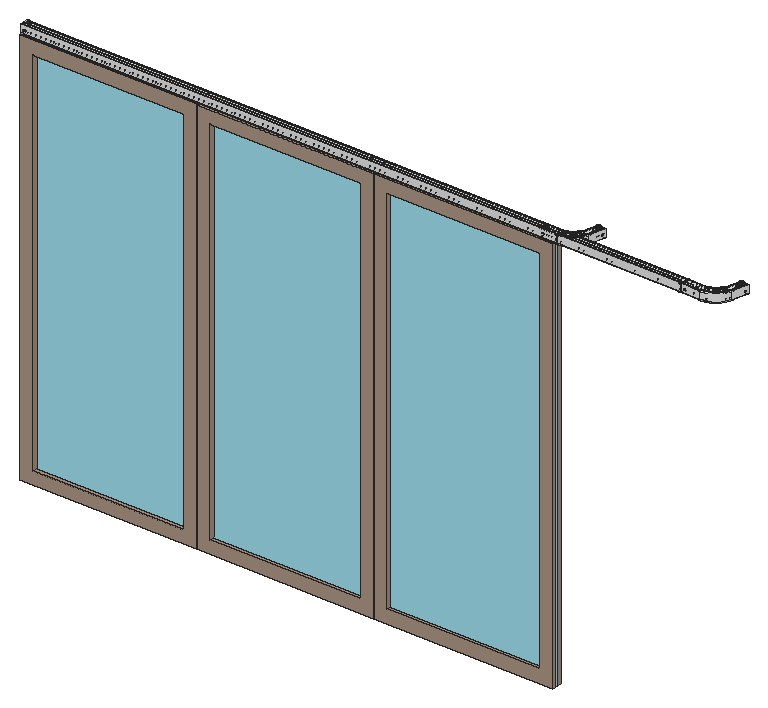
Revit family "RAYDOOR-SSPA3", category Doors, host Wall, Revit 2016
Family settings
  Host = Wall
  Always vertical = Yes
  Cut with Voids When Loaded = No
  Shared = No
  Room Calculation Point = No
Parameters (values of type "122 11/16"x95"")
  URL = "www.raydoor.com"
  Type Image = SSPA.png
  Thickness = 2 1/4"  # constant formula
  Rough Width = 1"  # constant formula
  Rough Height = (Width - (1/16" * 3)) / 3  # 40.83333"
  Operation = "Slinding door"  # constant formula
  Model = "SSPA"
  Function = Interior
  Door Material = Door - Panel
  Panel Material = Glass, Cast, Gray
  Height = 95"
  Trim Projection Ext = 63/64"  # constant formula
  Typ = 3"  # constant formula
  Wall Closure = By host
  Width = 122 11/16"
  Assembly Code = "SSPA3"
Reference planes (in)
  plane 1: y = 0.00227
  plane 2: z = 0
  plane 3: x = 82.5
  plane 4: x = 21.15625
  plane 5: x = 143.84375
  plane 6: z = 95
  plane 7: x = 140.84375
  plane 8: x = 142.34375
  plane 9: x = 22.65625
  plane 10: x = 24.15625
  plane 11: y = 3.56477
  plane 12: y = 5.81477
  plane 13: z = 92.78125
  plane 14: x = 101.44792
  plane 15: x = 102.94792
  plane 16: x = 99.94792
  plane 17: x = 60.55208
  plane 18: x = 62.05208
  plane 19: x = 59.05208
  plane 20: x = 63.55208
  plane 21: x = 65.05208
  plane 22: x = 104.44792
  plane 23: x = 105.94792
  plane 24: y = 4.68977
  plane 25: x = 185.84375
Forms (in)
  Extrusion 1, void
    sketch origin (-195.25, -5.58383, 0.25) x (1, 0, 0) y (0, 0, 1)
      loop
        line (216.40625, -0.25) -> (339.09375, -0.25) -> (339.09375, 94.75) -> (216.40625, 94.75) -> (216.40625, -0.25)
    from -8.08609 to -3.08609
  Sweep 2, solid, material "UHMW, White"
    path origin (0, 0, 0) x (1, 0, 0) y (0, 1, 0)
      loop
        line (148.88922, 11.3203) -> (147.91212, 7.67372)
        arc (147.91212, 7.67372) -> (146.92992, 6.20375) -> (145.25583, 5.63547) r 2.75
        line (145.25583, 5.63547) -> (141.2309, 5.63547)
    profile origin (143.24336, 5.63547, 0) x (0, -1, 0) y (0, 0, 1)
      loop
        line (0.11024, 93.74606) -> (0.11024, 94.52756)
        arc (0.11024, 94.52756) -> (0.13906, 94.59716) -> (0.20866, 94.62598) r 0.09843
        line (0.20866, 94.62598) -> (0.61024, 94.62598)
        arc (0.61024, 94.62598) -> (0.62415, 94.63175) -> (0.62992, 94.64567) r 0.01969
        line (0.62992, 94.64567) -> (0.62992, 94.86417)
        arc (0.62992, 94.86417) -> (0.62127, 94.88505) -> (0.60039, 94.8937) r 0.02953
        line (0.60039, 94.8937) -> (0.48031, 94.8937) -> (0.48031, 94.82283) -> (0.55118, 94.82283) -> (0.55118, 94.73622) -> (0.07874, 94.73622) -> (0.07874, 95) -> (0.02987, 95)
        arc (0.02987, 95) -> (0.00875, 94.99125) -> (0, 94.97013) r 0.02987
        line (0, 94.97013) -> (0, 93.07087)
        arc (0, 93.07087) -> (0.01153, 93.04303) -> (0.03937, 93.0315) r 0.03937
        line (0.03937, 93.0315) -> (0.60039, 93.0315)
        arc (0.60039, 93.0315) -> (0.62992, 93.07087) -> (0.60039, 93.11024) r 0.04101
        line (0.60039, 93.11024) -> (0.09842, 93.11024)
        arc (0.09842, 93.11024) -> (0.0845, 93.116) -> (0.07874, 93.12992) r 0.01969
        line (0.07874, 93.12992) -> (0.07874, 93.56299) -> (0.5315, 93.56299)
        arc (0.5315, 93.56299) -> (0.54541, 93.55723) -> (0.55118, 93.54331) r 0.01969
        line (0.55118, 93.54331) -> (0.55118, 93.34646)
        arc (0.55118, 93.34646) -> (0.55695, 93.33254) -> (0.57087, 93.32677) r 0.01969
        line (0.57087, 93.32677) -> (0.62992, 93.32677) -> (0.62992, 93.6811)
        arc (0.62992, 93.6811) -> (0.62415, 93.69502) -> (0.61024, 93.70079) r 0.01969
        line (0.61024, 93.70079) -> (0.19067, 93.70079)
        arc (0.19067, 93.70079) -> (0.13984, 93.70457) -> (0.11024, 93.74606) r 0.06004
      loop
        line (1.77953, 94.52756) -> (1.77953, 93.74606)
        arc (1.77953, 93.74606) -> (1.74992, 93.70457) -> (1.69909, 93.70079) r 0.06004
        line (1.69909, 93.70079) -> (1.27953, 93.70079)
        arc (1.27953, 93.70079) -> (1.26561, 93.69502) -> (1.25984, 93.6811) r 0.01969
        line (1.25984, 93.6811) -> (1.25984, 93.32677) -> (1.3189, 93.32677)
        arc (1.3189, 93.32677) -> (1.33282, 93.33254) -> (1.33858, 93.34646) r 0.01969
        line (1.33858, 93.34646) -> (1.33858, 93.54331)
        arc (1.33858, 93.54331) -> (1.34435, 93.55723) -> (1.35827, 93.56299) r 0.01969
        line (1.35827, 93.56299) -> (1.81102, 93.56299) -> (1.81102, 93.12992)
        arc (1.81102, 93.12992) -> (1.80526, 93.116) -> (1.79134, 93.11024) r 0.01969
        line (1.79134, 93.11024) -> (1.28937, 93.11024)
        arc (1.28937, 93.11024) -> (1.25984, 93.07087) -> (1.28937, 93.0315) r 0.04101
        line (1.28937, 93.0315) -> (1.85039, 93.0315)
        arc (1.85039, 93.0315) -> (1.87823, 93.04303) -> (1.88976, 93.07087) r 0.03937
        line (1.88976, 93.07087) -> (1.88976, 94.97013)
        arc (1.88976, 94.97013) -> (1.88102, 94.99125) -> (1.85989, 95) r 0.02987
        line (1.85989, 95) -> (1.81102, 95) -> (1.81102, 94.73622) -> (1.33858, 94.73622) -> (1.33858, 94.82283) -> (1.40945, 94.82283) -> (1.40945, 94.8937) -> (1.28937, 94.8937)
        arc (1.28937, 94.8937) -> (1.26849, 94.88505) -> (1.25984, 94.86417) r 0.02953
        line (1.25984, 94.86417) -> (1.25984, 94.64567)
        arc (1.25984, 94.64567) -> (1.26561, 94.63175) -> (1.27953, 94.62598) r 0.01969
        line (1.27953, 94.62598) -> (1.6811, 94.62598)
        arc (1.6811, 94.62598) -> (1.7507, 94.59716) -> (1.77953, 94.52756) r 0.09843
      loop
        line (0.65723, 94.80315) -> (1.23253, 94.80315) -> (1.25416, 94.88034)
        arc (1.25416, 94.88034) -> (1.26479, 94.89568) -> (1.2825, 94.90157) r 0.02953
        line (1.2825, 94.90157) -> (1.41732, 94.90157) -> (1.41732, 94.81067) -> (1.34646, 94.81067) -> (1.34646, 94.75197) -> (1.80315, 94.75197) -> (1.80315, 94.81067) -> (1.73228, 94.81067) -> (1.73228, 94.90157) -> (1.80315, 94.90157) -> (1.80315, 95) -> (0.08661, 95) -> (0.08661, 94.90157) -> (0.15748, 94.90157) -> (0.15748, 94.81067) -> (0.08661, 94.81067) -> (0.08661, 94.75197) -> (0.54331, 94.75197) -> (0.54331, 94.81067) -> (0.47244, 94.81067) -> (0.47244, 94.90157) -> (0.60726, 94.90157)
        arc (0.60726, 94.90157) -> (0.62497, 94.89568) -> (0.6356, 94.88034) r 0.02953
        line (0.6356, 94.88034) -> (0.65723, 94.80315)
  Extrusion 3, solid, material "UHMW, White"
    sketch origin (-54.96465, -11.16274, 94.125) x (0, -1, 0) y (1, 0, 0)
      loop
        circle (-15.85251, 115.51674) r 0.125
    from -1.34375 to 0.875
  Extrusion 4, solid, material "UHMW, White"
    sketch origin (-174.88132, -11.16274, 94.125) x (0, -1, 0) y (1, 0, 0)
      loop
        circle (-15.85251, 197.35424) r 0.125
    from -1.34375 to 0.875
  Extrusion 5, solid, material "Door - Panel" <- "Door Material"
    sketch origin (-282, 3.87418, 0.25) x (1, 0, 0) y (0, 0, 1)
      loop
        line (303.21875, 92.53125) -> (303.21875, 0.375) -> (344.02083, 0.375) -> (344.02083, 92.53125) -> (303.21875, 92.53125)
      loop
        line (306.21875, 89.53125) -> (306.21875, 3.375) -> (341.02083, 3.375) -> (341.02083, 89.53125) -> (306.21875, 89.53125)
    from -1.94059 to 0.30941
  Extrusion 6, solid, material "Glass, Cast, Gray" <- "Panel Material"
    sketch origin (-281.84169, -20.90881, 0.25) x (1, 0, 0) y (0, 0, 1)
      loop
        line (303.06044, 92.53125) -> (303.06044, 0.375) -> (343.86252, 0.375) -> (343.86252, 92.53125) -> (303.06044, 92.53125)
    from -25.72358 to -25.47522
  Extrusion 7, solid, material "UHMW, White"
    sketch origin (27.63385, -11.16274, 94.125) x (0, -1, 0) y (1, 0, 0)
      loop
        circle (-15.85251, 114.7099) r 0.125
    from -1.34375 to 0.875
  Extrusion 8, solid, material "UHMW, White"
    sketch origin (-13.53282, -11.16274, 94.125) x (0, -1, 0) y (1, 0, 0)
      loop
        circle (-15.85251, 114.98074) r 0.125
    from -1.34375 to 0.875
  Extrusion 9, solid, material "UHMW, White"
    sketch origin (-51.38132, -11.16274, 94.125) x (0, -1, 0) y (1, 0, 0)
      loop
        circle (-15.85251, 114.9334) r 0.125
    from -1.34375 to 0.875
  Extrusion 10, solid, material "Door - Panel" <- "Door Material"
    sketch origin (-13, 3.87418, 0.25) x (1, 0, 0) y (0, 0, 1)
      loop
        line (75.08333, 92.53125) -> (75.08333, 0.375) -> (115.91667, 0.375) -> (115.91667, 92.53125) -> (75.08333, 92.53125)
      loop
        line (78.08333, 89.53125) -> (78.08333, 3.375) -> (112.91667, 3.375) -> (112.91667, 89.53125) -> (78.08333, 89.53125)
    from -1.94059 to 0.30941
  Extrusion 11, solid, material "Glass, Cast, Gray" <- "Panel Material"
    sketch origin (-12.74997, -21.53627, 0.25) x (1, 0, 0) y (0, 0, 1)
      loop
        line (74.83331, 92.53125) -> (74.83331, 0.375) -> (115.66664, 0.375) -> (115.66664, 92.53125) -> (74.83331, 92.53125)
    from -26.35104 to -26.10268
  Extrusion 12, solid, material "Door - Panel" <- "Door Material"
    sketch origin (29, 3.87418, 0.25) x (1, 0, 0) y (0, 0, 1)
      loop
        line (73.97917, 92.53125) -> (73.97917, 0.375) -> (115.34375, 0.375) -> (115.34375, 92.53125) -> (73.97917, 92.53125)
      loop
        line (76.97917, 89.53125) -> (76.97917, 3.375) -> (112.34375, 3.375) -> (112.34375, 89.53125) -> (76.97917, 89.53125)
    from -1.94059 to 0.30941
  Extrusion 13, solid, material "Glass, Cast, Gray" <- "Panel Material"
    sketch origin (29.25003, -21.53627, 0.25) x (1, 0, 0) y (0, 0, 1)
      loop
        line (73.72914, 92.53125) -> (73.72914, 0.375) -> (115.09372, 0.375) -> (115.09372, 92.53125) -> (73.72914, 92.53125)
    from -26.35104 to -26.10268
  Extrusion 14, solid, material "UHMW, White"
    sketch origin (-0.36071, 45.1077, -9.0893) x (0, 1, 0) y (0, 0, 1)
      loop
        arc (-39.68171, 103.71529) -> (-39.61212, 103.68646) -> (-39.58329, 103.61686) r 0.09843
        line (-39.58329, 103.61686) -> (-39.58329, 102.83537)
        arc (-39.58329, 102.83537) -> (-39.61289, 102.79387) -> (-39.66373, 102.79009) r 0.06004
        line (-39.66373, 102.79009) -> (-40.08329, 102.79009)
        arc (-40.08329, 102.79009) -> (-40.09721, 102.78433) -> (-40.10297, 102.77041) r 0.01969
        line (-40.10297, 102.77041) -> (-40.10297, 102.41607) -> (-40.04392, 102.41607)
        arc (-40.04392, 102.41607) -> (-40.03, 102.42184) -> (-40.02423, 102.43576) r 0.01969
        line (-40.02423, 102.43576) -> (-40.02423, 102.63261)
        arc (-40.02423, 102.63261) -> (-40.01847, 102.64653) -> (-40.00455, 102.6523) r 0.01969
        line (-40.00455, 102.6523) -> (-39.55179, 102.6523) -> (-39.55179, 102.21922)
        arc (-39.55179, 102.21922) -> (-39.55756, 102.20531) -> (-39.57148, 102.19954) r 0.01969
        line (-39.57148, 102.19954) -> (-40.07345, 102.19954)
        arc (-40.07345, 102.19954) -> (-40.10297, 102.16017) -> (-40.07345, 102.1208) r 0.04101
        line (-40.07345, 102.1208) -> (-39.51242, 102.1208)
        arc (-39.51242, 102.1208) -> (-39.48458, 102.13233) -> (-39.47305, 102.16017) r 0.03937
        line (-39.47305, 102.16017) -> (-39.47305, 104.05943)
        arc (-39.47305, 104.05943) -> (-39.4818, 104.08055) -> (-39.50292, 104.0893) r 0.02987
        line (-39.50292, 104.0893) -> (-39.55179, 104.0893) -> (-39.55179, 103.82552) -> (-40.02423, 103.82552) -> (-40.02423, 103.91214) -> (-39.95337, 103.91214) -> (-39.95337, 103.983) -> (-40.07345, 103.983)
        arc (-40.07345, 103.983) -> (-40.09433, 103.97436) -> (-40.10297, 103.95348) r 0.02953
        line (-40.10297, 103.95348) -> (-40.10297, 103.73497)
        arc (-40.10297, 103.73497) -> (-40.09721, 103.72105) -> (-40.08329, 103.71529) r 0.01969
        line (-40.08329, 103.71529) -> (-39.68171, 103.71529)
      loop
        line (-39.55967, 104.0893) -> (-41.2762, 104.0893) -> (-41.2762, 103.99088) -> (-41.20534, 103.99088) -> (-41.20534, 103.89998) -> (-41.2762, 103.89998) -> (-41.2762, 103.84127) -> (-40.81951, 103.84127) -> (-40.81951, 103.89998) -> (-40.89038, 103.89998) -> (-40.89038, 103.99088) -> (-40.75555, 103.99088)
        arc (-40.75555, 103.99088) -> (-40.73784, 103.98498) -> (-40.72721, 103.96964) r 0.02953
        line (-40.72721, 103.96964) -> (-40.70559, 103.89245) -> (-40.13028, 103.89245) -> (-40.10866, 103.96964)
        arc (-40.10866, 103.96964) -> (-40.09803, 103.98498) -> (-40.08032, 103.99088) r 0.02953
        line (-40.08032, 103.99088) -> (-39.94549, 103.99088) -> (-39.94549, 103.89998) -> (-40.01636, 103.89998) -> (-40.01636, 103.84127) -> (-39.55967, 103.84127) -> (-39.55967, 103.89998) -> (-39.63053, 103.89998) -> (-39.63053, 103.99088) -> (-39.55967, 103.99088) -> (-39.55967, 104.0893)
      loop
        line (-41.15416, 103.71529) -> (-40.75258, 103.71529)
        arc (-40.75258, 103.71529) -> (-40.73866, 103.72105) -> (-40.7329, 103.73497) r 0.01969
        line (-40.7329, 103.73497) -> (-40.7329, 103.95348)
        arc (-40.7329, 103.95348) -> (-40.74154, 103.97436) -> (-40.76242, 103.983) r 0.02953
        line (-40.76242, 103.983) -> (-40.8825, 103.983) -> (-40.8825, 103.91214) -> (-40.81164, 103.91214) -> (-40.81164, 103.82552) -> (-41.28408, 103.82552) -> (-41.28408, 104.0893) -> (-41.33295, 104.0893)
        arc (-41.33295, 104.0893) -> (-41.35407, 104.08055) -> (-41.36282, 104.05943) r 0.02987
        line (-41.36282, 104.05943) -> (-41.36282, 102.16017)
        arc (-41.36282, 102.16017) -> (-41.35129, 102.13233) -> (-41.32345, 102.1208) r 0.03937
        line (-41.32345, 102.1208) -> (-40.76242, 102.1208)
        arc (-40.76242, 102.1208) -> (-40.7329, 102.16017) -> (-40.76242, 102.19954) r 0.04101
        line (-40.76242, 102.19954) -> (-41.26439, 102.19954)
        arc (-41.26439, 102.19954) -> (-41.27831, 102.20531) -> (-41.28408, 102.21922) r 0.01969
        line (-41.28408, 102.21922) -> (-41.28408, 102.6523) -> (-40.83132, 102.6523)
        arc (-40.83132, 102.6523) -> (-40.8174, 102.64653) -> (-40.81164, 102.63261) r 0.01969
        line (-40.81164, 102.63261) -> (-40.81164, 102.43576)
        arc (-40.81164, 102.43576) -> (-40.80587, 102.42184) -> (-40.79195, 102.41607) r 0.01969
        line (-40.79195, 102.41607) -> (-40.7329, 102.41607) -> (-40.7329, 102.77041)
        arc (-40.7329, 102.77041) -> (-40.73866, 102.78433) -> (-40.75258, 102.79009) r 0.01969
        line (-40.75258, 102.79009) -> (-41.17214, 102.79009)
        arc (-41.17214, 102.79009) -> (-41.22298, 102.79387) -> (-41.25258, 102.83537) r 0.06004
        line (-41.25258, 102.83537) -> (-41.25258, 103.61686)
        arc (-41.25258, 103.61686) -> (-41.22375, 103.68646) -> (-41.15416, 103.71529) r 0.09843
    from 21.51696 to 174.26059
  Sweep 15, solid, material "UHMW, White"
    path origin (33.07371, 0, 0) x (1, 0, 0) y (0, 1, 0)
      loop
        line (148.8638, 11.3203) -> (147.8867, 7.67372)
        arc (147.8867, 7.67372) -> (146.90449, 6.20375) -> (145.2304, 5.63547) r 2.75
        line (145.2304, 5.63547) -> (140.82618, 5.63547)
    profile origin (176.10199, 5.63547, 0) x (0, -1, 0) y (0, 0, 1)
      loop
        line (0.11024, 93.74606) -> (0.11024, 94.52756)
        arc (0.11024, 94.52756) -> (0.13906, 94.59716) -> (0.20866, 94.62598) r 0.09843
        line (0.20866, 94.62598) -> (0.61024, 94.62598)
        arc (0.61024, 94.62598) -> (0.62415, 94.63175) -> (0.62992, 94.64567) r 0.01969
        line (0.62992, 94.64567) -> (0.62992, 94.86417)
        arc (0.62992, 94.86417) -> (0.62127, 94.88505) -> (0.60039, 94.8937) r 0.02953
        line (0.60039, 94.8937) -> (0.48031, 94.8937) -> (0.48031, 94.82283) -> (0.55118, 94.82283) -> (0.55118, 94.73622) -> (0.07874, 94.73622) -> (0.07874, 95) -> (0.02987, 95)
        arc (0.02987, 95) -> (0.00875, 94.99125) -> (0, 94.97013) r 0.02987
        line (0, 94.97013) -> (0, 93.07087)
        arc (0, 93.07087) -> (0.01153, 93.04303) -> (0.03937, 93.0315) r 0.03937
        line (0.03937, 93.0315) -> (0.60039, 93.0315)
        arc (0.60039, 93.0315) -> (0.62992, 93.07087) -> (0.60039, 93.11024) r 0.04101
        line (0.60039, 93.11024) -> (0.09842, 93.11024)
        arc (0.09842, 93.11024) -> (0.0845, 93.116) -> (0.07874, 93.12992) r 0.01969
        line (0.07874, 93.12992) -> (0.07874, 93.56299) -> (0.5315, 93.56299)
        arc (0.5315, 93.56299) -> (0.54541, 93.55723) -> (0.55118, 93.54331) r 0.01969
        line (0.55118, 93.54331) -> (0.55118, 93.34646)
        arc (0.55118, 93.34646) -> (0.55695, 93.33254) -> (0.57087, 93.32677) r 0.01969
        line (0.57087, 93.32677) -> (0.62992, 93.32677) -> (0.62992, 93.6811)
        arc (0.62992, 93.6811) -> (0.62415, 93.69502) -> (0.61024, 93.70079) r 0.01969
        line (0.61024, 93.70079) -> (0.19067, 93.70079)
        arc (0.19067, 93.70079) -> (0.13984, 93.70457) -> (0.11024, 93.74606) r 0.06004
      loop
        line (1.77953, 94.52756) -> (1.77953, 93.74606)
        arc (1.77953, 93.74606) -> (1.74992, 93.70457) -> (1.69909, 93.70079) r 0.06004
        line (1.69909, 93.70079) -> (1.27953, 93.70079)
        arc (1.27953, 93.70079) -> (1.26561, 93.69502) -> (1.25984, 93.6811) r 0.01969
        line (1.25984, 93.6811) -> (1.25984, 93.32677) -> (1.3189, 93.32677)
        arc (1.3189, 93.32677) -> (1.33282, 93.33254) -> (1.33858, 93.34646) r 0.01969
        line (1.33858, 93.34646) -> (1.33858, 93.54331)
        arc (1.33858, 93.54331) -> (1.34435, 93.55723) -> (1.35827, 93.56299) r 0.01969
        line (1.35827, 93.56299) -> (1.81102, 93.56299) -> (1.81102, 93.12992)
        arc (1.81102, 93.12992) -> (1.80526, 93.116) -> (1.79134, 93.11024) r 0.01969
        line (1.79134, 93.11024) -> (1.28937, 93.11024)
        arc (1.28937, 93.11024) -> (1.25984, 93.07087) -> (1.28937, 93.0315) r 0.04101
        line (1.28937, 93.0315) -> (1.85039, 93.0315)
        arc (1.85039, 93.0315) -> (1.87823, 93.04303) -> (1.88976, 93.07087) r 0.03937
        line (1.88976, 93.07087) -> (1.88976, 94.97013)
        arc (1.88976, 94.97013) -> (1.88102, 94.99125) -> (1.85989, 95) r 0.02987
        line (1.85989, 95) -> (1.81102, 95) -> (1.81102, 94.73622) -> (1.33858, 94.73622) -> (1.33858, 94.82283) -> (1.40945, 94.82283) -> (1.40945, 94.8937) -> (1.28937, 94.8937)
        arc (1.28937, 94.8937) -> (1.26849, 94.88505) -> (1.25984, 94.86417) r 0.02953
        line (1.25984, 94.86417) -> (1.25984, 94.64567)
        arc (1.25984, 94.64567) -> (1.26561, 94.63175) -> (1.27953, 94.62598) r 0.01969
        line (1.27953, 94.62598) -> (1.6811, 94.62598)
        arc (1.6811, 94.62598) -> (1.7507, 94.59716) -> (1.77953, 94.52756) r 0.09843
      loop
        line (0.65723, 94.80315) -> (1.23253, 94.80315) -> (1.25416, 94.88034)
        arc (1.25416, 94.88034) -> (1.26479, 94.89568) -> (1.2825, 94.90157) r 0.02953
        line (1.2825, 94.90157) -> (1.41732, 94.90157) -> (1.41732, 94.81067) -> (1.34646, 94.81067) -> (1.34646, 94.75197) -> (1.80315, 94.75197) -> (1.80315, 94.81067) -> (1.73228, 94.81067) -> (1.73228, 94.90157) -> (1.80315, 94.90157) -> (1.80315, 95) -> (0.08661, 95) -> (0.08661, 94.90157) -> (0.15748, 94.90157) -> (0.15748, 94.81067) -> (0.08661, 94.81067) -> (0.08661, 94.75197) -> (0.54331, 94.75197) -> (0.54331, 94.81067) -> (0.47244, 94.81067) -> (0.47244, 94.90157) -> (0.60726, 94.90157)
        arc (0.60726, 94.90157) -> (0.62497, 94.89568) -> (0.6356, 94.88034) r 0.02953
        line (0.6356, 94.88034) -> (0.65723, 94.80315)
  Extrusion 16, solid, material "UHMW, White"
    sketch origin (-31.86465, -11.16274, 94.125) x (0, -1, 0) y (1, 0, 0)
      loop
        circle (-15.85251, 136.31257) r 0.125
    from -1.34375 to 0.875
Lines and regions (in)
  Masking region 1
    outline origin (0, 0, 0) x (1, 0, 0) y (0, 1, 0)
      loop
        line (184.67708, 3.56477) -> (184.67708, 5.81477) -> (143.84375, 5.81477) -> (143.84375, 3.56477) -> (184.67708, 3.56477)
      loop
        line (184.67708, 6.06477) -> (184.67708, 8.31477) -> (143.84375, 8.31477) -> (143.84375, 6.06477) -> (184.67708, 6.06477)
      loop
        line (184.98958, 8.5703) -> (184.98958, 10.8203) -> (143.84375, 10.8203) -> (143.84375, 8.5703) -> (184.98958, 8.5703)
  model lines
    curve 1: line (21.15625, 2.50227, 0) -> (143.84375, 2.50227, 0)
    curve 2: line (21.15625, -2.49773, 0) -> (143.84375, -2.49773, 0)
  symbolic lines, style "DoorsHiddenLines"
    curve 3: line (148.96528, 11.29992, 0) -> (147.98818, 7.65334, 0)
    curve 4: line (182.01356, 11.29992, 0) -> (181.03646, 7.65334, 0)
    curve 13: arc (147.98818, 7.65334, 0) -> (146.97786, 6.14128, 0) -> (145.25583, 5.55673, 0) r 2.82874
    curve 14: arc (181.03646, 7.65334, 0) -> (180.02613, 6.14128, 0) -> (178.30411, 5.55673, 0) r 2.82874
  symbolic lines, style "Plan Swing"
    curve 5: line (91.3305, -11.05138, 0) -> (72.5805, -11.05138, 0)
    curve 6: line (72.5805, -11.05138, 0) -> (74.70182, -8.93006, 0)
    curve 7: line (91.4195, -12.57036, 0) -> (72.4195, -12.57036, 0)
    curve 8: line (89.29818, -14.69168, 0) -> (91.4195, -12.57036, 0)
  symbolic lines, style "Elevation Swing"
    curve 9: line (70.5, 0, 37.98833) -> (94.5, 0, 37.98833)
    curve 10: line (94.45104, 0, 32.79755) -> (70.45104, 0, 32.79755)
    curve 11: line (70.5, 0, 37.98833) -> (74.03553, 0, 41.52386)
    curve 12: line (90.91551, 0, 29.26202) -> (94.45104, 0, 32.79755)
Dimensions and locks (in)
  "Height": plane 6 to plane 2
  equal spacing: plane 7, plane 8, plane 5
  "Typ": plane 7 to plane 5
  "Typ": plane 4 to plane 10
  equal spacing: plane 4, plane 9, plane 10
  locked: plane 6 to plane 13 at 2.21875
  "Typ": plane 16 to plane 15
  equal spacing: plane 16, plane 14, plane 15
  "Typ": plane 19 to plane 18
  equal spacing: plane 19, plane 17, plane 18
  equal spacing: plane 4, plane 18, plane 15, plane 5
  "Typ": plane 18 to plane 21
  equal spacing: plane 18, plane 20, plane 21
  "Typ": plane 15 to plane 23
  equal spacing: plane 15, plane 22, plane 23
  "Thickness": Masking region 1 sketch curve to Masking region 1 sketch curve  (x3)
  locked: Extrusion 3 sketch curve to plane 17 at 0.125
  "Typ": Extrusion 5 sketch curve to Extrusion 5 sketch curve  (x4)
  locked: Extrusion 6 to Extrusion 6 at 0.24836
  locked: Extrusion 9 sketch curve to plane 20 at 0.125
  "Typ": Extrusion 10 sketch curve to Extrusion 10 sketch curve  (x4)
  locked: Extrusion 11 to Extrusion 11 at 0.24836
  "Typ": Extrusion 12 sketch curve to Extrusion 12 sketch curve  (x4)
  locked: Extrusion 13 to Extrusion 13 at 0.24836
  "Width": plane 4 to plane 5
  locked: Extrusion 5 to level at 0.625
  plane 13 to plane 6 = 2 7/32"
  locked: plane 4 to Extrusion 5 sketch curve at 0.0625
  locked: plane 5 to Extrusion 12 sketch curve at 0.5
  locked: plane 15 to Extrusion 12 sketch curve at 0.03125
  locked: Extrusion 10 sketch curve to plane 15 at 0.03125
  locked: plane 18 to Extrusion 10 sketch curve at 0.03125
  equal spacing: plane 4, plane 3, plane 5
  locked: Extrusion 4 sketch curve to plane 24 at 0.125
  locked: plane 24 to Extrusion 3 sketch curve at 0.125
  locked: plane 24 to Extrusion 9 sketch curve at 0.125
  locked: plane 24 to Extrusion 8 sketch curve at 0.125
  locked: plane 16 to Extrusion 8 sketch curve at 1.625
  locked: plane 7 to Extrusion 7 sketch curve at 1.625
  locked: plane 24 to Extrusion 7 sketch curve at 0.125
  locked: plane 11 to host wall at 1.0625
  equal spacing: plane 12, plane 24, plane 11
  "Thickness": plane 12 to plane 11
  locked: Sweep 2 sketch curve to plane 24 at 0.9457
  Extrusion 14 to Extrusion 14 = 1.88976"
  Extrusion 14 to plane 6 = 1.9685"
  locked: Masking region 1 sketch curve to Masking region 1 sketch curve at 0.25
  "Rough Height": plane 5 to Masking region 1 sketch curve
  locked: Masking region 1 sketch curve to Masking region 1 sketch curve at 0.25553
  locked: Masking region 1 sketch curve to Masking region 1 sketch curve at 0.3125
  locked: Sweep 2 sketch curve to plane 25 at 36.95453
  plane 4 to Extrusion 5 = 1/16"
  Extrusion 12 to plane 5 = 1/2"
  locked: plane 5 to plane 25 at 42
  locked: Sweep 2 sketch curve to Masking region 1 at 0.5
  locked: Extrusion 6 to plane 11 at 1.00164
  locked: plane 18 to Extrusion 5 sketch curve at 0.03125
  locked: plane 22 to Extrusion 16 sketch curve at 0.125
  locked: plane 24 to Extrusion 16 sketch curve at 0.125
  locked: Sweep 15 sketch curve to plane 24 at 0.9457
  locked: Sweep 15 sketch curve to Masking region 1 at 0.5
  locked: Sweep 15 sketch curve to plane 25 at 3.90625
  radius of Extrusion 16 sketch curve = 1/8"
  radius of Sweep 2 sketch curve = 2 3/4"
  radius of Sweep 15 sketch curve = 2 3/4"
  locked: Sweep 2 sketch curve to Sweep 2 sketch curve (angle 105.00°)
  locked: Sweep 15 sketch curve to Sweep 15 sketch curve (angle 105.00°)
  aligned and locked: plane 5 to curve 1
  aligned and locked: plane 4 to Extrusion 1
  aligned and locked: host wall to Extrusion 1  (x2)
  aligned and locked: Extrusion 1 to plane 5
  aligned and locked: level to Extrusion 1
  aligned and locked: host wall to curve 2
  aligned and locked: plane 13 to Extrusion 3
  aligned and locked: Extrusion 3 to plane 6
  aligned and locked: Extrusion 5 to Extrusion 6
  aligned and locked: plane 13 to Extrusion 4
  aligned and locked: Extrusion 4 to plane 6
  aligned and locked: Extrusion 5 to plane 13
  aligned and locked: Extrusion 9 to plane 6
  aligned and locked: plane 13 to Extrusion 9
  aligned and locked: Extrusion 8 to plane 6
  aligned and locked: Extrusion 7 to plane 6
  aligned and locked: plane 13 to Extrusion 7
  aligned and locked: plane 13 to Extrusion 8
  aligned and locked: Extrusion 10 to Extrusion 11
  aligned and locked: Extrusion 10 to Extrusion 11 sketch curve
  aligned and locked: Extrusion 12 to Extrusion 13  (x2)
  aligned and locked: Extrusion 12 to Extrusion 13 sketch curve
  aligned and locked: Extrusion 10 to plane 13
  aligned and locked: Sweep 2 sketch curve to plane 6
  aligned and locked: Extrusion 13 to Extrusion 12
  aligned and locked: Extrusion 11 to Extrusion 10  (x2)
  aligned and locked: Extrusion 6 to Extrusion 5  (x2)
  aligned and locked: plane 12 to Extrusion 5
  aligned and locked: plane 12 to Extrusion 10
  aligned and locked: plane 12 to Extrusion 12
  aligned and locked: Extrusion 5 to plane 11
  aligned and locked: Extrusion 10 to plane 11
  aligned and locked: Extrusion 12 to plane 11
  aligned and locked: plane 4 to Extrusion 14
  aligned and locked: plane 11 to Masking region 1 sketch curve
  aligned and locked: Masking region 1 sketch curve to plane 5  (x2)
  aligned and locked: Masking region 1 sketch curve to Masking region 1 sketch curve
  aligned and locked: Extrusion 14 to Sweep 15
  aligned and locked: Extrusion 11 to Extrusion 6
  aligned and locked: Extrusion 13 to Extrusion 6
  aligned and locked: Sweep 15 sketch curve to plane 6
  aligned and locked: curve 13 to Sweep 2
  aligned and locked: curve 14 to Sweep 15
  aligned and locked: Extrusion 16 to plane 6
  aligned and locked: plane 13 to Extrusion 16
Automatic sketch dimensions
  Extrusion 3 sketch curve to plane 17 = 0"
  Extrusion 4 sketch curve to plane 24 = 0"
  plane 9 to Extrusion 4 sketch curve = 0.18333"
  Extrusion 7 sketch curve to plane 8 = 0"
  Extrusion 8 sketch curve to plane 14 = 0"
  Extrusion 9 sketch curve to plane 20 = 0"
  curve 11 to plane 21 = 5.44792"
  level to curve 11 = 37.98833"
  curve 12 to plane 16 = 5.49688"
  curve 9 to curve 12 = 5.19077"
  curve 11 to plane 3 = 8.46447"
  curve 11 to curve 9 = 3.53553"
  plane 3 to curve 12 = 8.41551"
  curve 10 to curve 12 = 3.53553"
  curve 10 to curve 9 = 0.04896"  (x2)
  curve 8 to plane 16 = 8.52842"
  curve 5 to plane 21 = 7.52842"
  plane 12 to curve 3 = 1.83857"
  host wall to curve 6 = 8.55364"
  curve 7 to curve 5 = 1.51898"
  curve 5 to curve 7 = 0.089"
  curve 8 to curve 7 = 2.12132"  (x2)
  curve 5 to curve 6 = 2.12132"  (x2)
  curve 7 to curve 5 = 0.161"
  curve 13 to curve 3 = 0.9771"
  plane 12 to curve 4 = 1.83857"
  curve 4 to plane 25 = 3.83019"
  curve 13 to curve 3 = 3.64658"
  curve 1 to level = 0"
  plane 4 to curve 1 = 0"
  plane 4 to Extrusion 1 sketch curve = 0"
  plane 5 to Extrusion 1 sketch curve = 0"
  Extrusion 1 sketch curve to level = 0"
  Extrusion 1 sketch curve to plane 6 = 0"
  curve 2 to level = 0"
  plane 5 to curve 2 = 0"
  plane 4 to curve 2 = 0"
  profile plane to Sweep 2 sketch curve = 0"
  Sweep 2 sketch curve to profile plane = 0.02987"
  Sweep 2 sketch curve to profile plane = 0.03937"
  Sweep 2 sketch curve to Sweep 2 sketch curve = 0.04887"  (x2)
  Sweep 2 sketch curve to profile plane = 0.07874"
  Sweep 2 sketch curve to Sweep 2 sketch curve = 0.00787"  (x8)
  Sweep 2 sketch curve to profile plane = 0.08661"
  Sweep 2 sketch curve to Sweep 2 sketch curve = 0.01969"  (x9)
  Sweep 2 sketch curve to profile plane = 0.11024"
  Sweep 2 sketch curve to Sweep 2 sketch curve = 0.07087"  (x4)
  Sweep 2 sketch curve to Sweep 2 sketch curve = 0.05905"  (x2)
  Sweep 2 sketch curve to Sweep 2 sketch curve = 0.02138"  (x2)
  Sweep 2 sketch curve to Sweep 2 sketch curve = 0.09843"  (x3)
  Sweep 2 sketch curve to Sweep 2 sketch curve = 0.31496"
  Sweep 2 sketch curve to Sweep 2 sketch curve = 0.34082"  (x2)
  Sweep 2 sketch curve to Sweep 2 sketch curve = 0.06299"  (x2)
  Sweep 2 sketch curve to Sweep 2 sketch curve = 0.01804"
  Sweep 2 sketch curve to Sweep 2 sketch curve = 0.01148"  (x3)
  Sweep 2 sketch curve to Sweep 2 sketch curve = 0.04921"
  Sweep 2 sketch curve to Sweep 2 sketch curve = 0.00687"  (x2)
  Sweep 2 sketch curve to Sweep 2 sketch curve = 0.07874"
  Sweep 2 sketch curve to Sweep 2 sketch curve = 0.05906"  (x5)
  Sweep 2 sketch curve to Sweep 2 sketch curve = 0.00568"
  Sweep 2 sketch curve to Sweep 2 sketch curve = 0.02731"  (x2)
  Sweep 2 sketch curve to Sweep 2 sketch curve = 0.57531"
  Sweep 2 sketch curve to Sweep 2 sketch curve = 0.02162"
  Sweep 2 sketch curve to Sweep 2 sketch curve = 0.62992"
  Sweep 2 sketch curve to Sweep 2 sketch curve = 0.02834"
  Sweep 2 sketch curve to Sweep 2 sketch curve = 0.02953"
  Sweep 2 sketch curve to Sweep 2 sketch curve = 0"  (x2)
  Sweep 2 sketch curve to Sweep 2 sketch curve = 0.26378"
  Sweep 2 sketch curve to Sweep 2 sketch curve = 0.05118"
  Sweep 2 sketch curve to Sweep 2 sketch curve = 0.49049"
  Sweep 2 sketch curve to Sweep 2 sketch curve = 0.11193"
  Sweep 2 sketch curve to Sweep 2 sketch curve = 0.02987"  (x3)
  Sweep 2 sketch curve to Sweep 2 sketch curve = 0.06855"
  Sweep 2 sketch curve to Sweep 2 sketch curve = 0.01616"  (x2)
  Sweep 2 sketch curve to Sweep 2 sketch curve = 0.04134"
  Sweep 2 sketch curve to Sweep 2 sketch curve = 0.01216"  (x2)
  Sweep 2 sketch curve to Sweep 2 sketch curve = 0.0909"  (x2)
  Sweep 2 sketch curve to Sweep 2 sketch curve = 0.06102"
  Sweep 2 sketch curve to Sweep 2 sketch curve = 0.05871"  (x2)
  Sweep 2 sketch curve to Sweep 2 sketch curve = 0.01575"  (x2)
  Sweep 2 sketch curve to Sweep 2 sketch curve = 0.09055"  (x2)
  Sweep 2 sketch curve to Sweep 2 sketch curve = 0.77067"  (x2)
  Sweep 2 sketch curve to Sweep 2 sketch curve = 0.01083"  (x2)
  Sweep 2 sketch curve to Sweep 2 sketch curve = 0.1378"  (x2)
  Sweep 2 sketch curve to Sweep 2 sketch curve = 0.19685"  (x2)
  Sweep 2 sketch curve to Sweep 2 sketch curve = 0.43307"  (x2)
  Sweep 2 sketch curve to Sweep 2 sketch curve = 0.03937"
  Masking region 1 sketch curve to plane 5 = 0"
  Extrusion 5 sketch curve to plane 13 = 0"
  level to Extrusion 5 sketch curve = 3 5/8"
  Extrusion 6 sketch curve to plane 13 = 0"
  Extrusion 6 sketch curve to plane 4 = 1/16"
  plane 18 to Extrusion 6 sketch curve = 1/32"
  level to Extrusion 6 sketch curve = 5/8"
  Extrusion 10 sketch curve to plane 13 = 0"
  level to Extrusion 10 sketch curve = 3 5/8"
  Extrusion 11 sketch curve to plane 13 = 0"
  Extrusion 11 sketch curve to plane 18 = 1/32"
  plane 15 to Extrusion 11 sketch curve = 1/32"
  Extrusion 12 sketch curve to plane 13 = 0"
  level to Extrusion 12 sketch curve = 3 5/8"
  Extrusion 13 sketch curve to plane 13 = 0"
  Extrusion 13 sketch curve to plane 15 = 1/32"
  Extrusion 13 sketch curve to plane 5 = 1/2"
  plane 6 to Extrusion 14 sketch curve = 0"  (x3)
  plane 6 to Extrusion 14 sketch curve = 0.02987"
  plane 11 to Extrusion 14 sketch curve = 0.18012"
  Extrusion 14 sketch curve to Extrusion 14 sketch curve = 0.03937"  (x6)
  Extrusion 14 sketch curve to Extrusion 14 sketch curve = 0.04887"  (x2)
  plane 11 to Extrusion 14 sketch curve = 0.25886"
  Extrusion 14 sketch curve to Extrusion 14 sketch curve = 0.00787"  (x7)
  Extrusion 14 sketch curve to Extrusion 14 sketch curve = 0.01969"  (x6)
  Extrusion 14 sketch curve to Extrusion 14 sketch curve = 0.0315"
  Extrusion 14 sketch curve to Extrusion 14 sketch curve = 0.07087"  (x5)
  Extrusion 14 sketch curve to Extrusion 14 sketch curve = 0.05905"
  Extrusion 14 sketch curve to Extrusion 14 sketch curve = 0.02138"  (x2)
  Extrusion 14 sketch curve to Extrusion 14 sketch curve = 0.09843"  (x2)
  Extrusion 14 sketch curve to Extrusion 14 sketch curve = 0.31496"
  Extrusion 14 sketch curve to Extrusion 14 sketch curve = 0.34082"  (x2)
  Extrusion 14 sketch curve to Extrusion 14 sketch curve = 0.01804"
  Extrusion 14 sketch curve to Extrusion 14 sketch curve = 0.04921"  (x2)
  Extrusion 14 sketch curve to Extrusion 14 sketch curve = 0.01148"  (x2)
  Extrusion 14 sketch curve to Extrusion 14 sketch curve = 0.00687"  (x2)
  Extrusion 14 sketch curve to Extrusion 14 sketch curve = 0.07874"
  Extrusion 14 sketch curve to Extrusion 14 sketch curve = 0.05906"  (x5)
  Extrusion 14 sketch curve to Extrusion 14 sketch curve = 0.02266"  (x2)
  plane 6 to Extrusion 14 sketch curve = 0.11966"  (x2)
  Extrusion 14 sketch curve to Extrusion 14 sketch curve = 0.00568"  (x2)
  Extrusion 14 sketch curve to Extrusion 14 sketch curve = 0.02731"
  plane 24 to Extrusion 14 sketch curve = 0.28765"
  Extrusion 14 sketch curve to Extrusion 14 sketch curve = 0.02162"
  plane 24 to Extrusion 14 sketch curve = 0.31496"
  Extrusion 14 sketch curve to Extrusion 14 sketch curve = 0.02953"
  Extrusion 14 sketch curve to Extrusion 14 sketch curve = 0.26378"
  plane 6 to Extrusion 14 sketch curve = 0.09843"
  Extrusion 14 sketch curve to Extrusion 14 sketch curve = 0.05118"
  Extrusion 14 sketch curve to plane 12 = 0.27854"
  Extrusion 14 sketch curve to Extrusion 14 sketch curve = 0.11193"
  Extrusion 14 sketch curve to Extrusion 14 sketch curve = 0.00829"  (x2)
  Extrusion 14 sketch curve to Extrusion 14 sketch curve = 0.01616"  (x2)
  Extrusion 14 sketch curve to Extrusion 14 sketch curve = 0.04134"  (x2)
  Extrusion 14 sketch curve to Extrusion 14 sketch curve = 0.01216"  (x2)
  Extrusion 14 sketch curve to Extrusion 14 sketch curve = 0.0909"
  plane 6 to Extrusion 14 sketch curve = 0.18933"
  Extrusion 14 sketch curve to Extrusion 14 sketch curve = 0.06102"
  Extrusion 14 sketch curve to Extrusion 14 sketch curve = 0.05871"  (x2)
  Extrusion 14 sketch curve to Extrusion 14 sketch curve = 0.01575"  (x2)
  Extrusion 14 sketch curve to Extrusion 14 sketch curve = 0.09055"  (x2)
  Extrusion 14 sketch curve to Extrusion 14 sketch curve = 0.77067"  (x2)
  Extrusion 14 sketch curve to Extrusion 14 sketch curve = 0.01083"  (x2)
  Extrusion 14 sketch curve to Extrusion 14 sketch curve = 0.1378"  (x2)
  Extrusion 14 sketch curve to Extrusion 14 sketch curve = 0.19685"  (x2)
  Extrusion 14 sketch curve to plane 13 = 0.34867"  (x2)
  Extrusion 14 sketch curve to Extrusion 14 sketch curve = 0.06855"
  profile plane to Sweep 15 sketch curve = 0"
  Sweep 15 sketch curve to profile plane = 0.02987"
  Sweep 15 sketch curve to profile plane = 0.03937"
  Sweep 15 sketch curve to Sweep 15 sketch curve = 0.04887"  (x2)
  Sweep 15 sketch curve to profile plane = 0.07874"
  Sweep 15 sketch curve to Sweep 15 sketch curve = 0.00787"  (x8)
  Sweep 15 sketch curve to profile plane = 0.08661"
  Sweep 15 sketch curve to Sweep 15 sketch curve = 0.01969"  (x9)
  Sweep 15 sketch curve to profile plane = 0.11024"
  Sweep 15 sketch curve to Sweep 15 sketch curve = 0.07087"  (x4)
  Sweep 15 sketch curve to Sweep 15 sketch curve = 0.05905"  (x2)
  Sweep 15 sketch curve to Sweep 15 sketch curve = 0.02138"  (x2)
  Sweep 15 sketch curve to Sweep 15 sketch curve = 0.09843"  (x3)
  Sweep 15 sketch curve to Sweep 15 sketch curve = 0.31496"
  Sweep 15 sketch curve to Sweep 15 sketch curve = 0.34082"  (x2)
  Sweep 15 sketch curve to Sweep 15 sketch curve = 0.06299"  (x2)
  Sweep 15 sketch curve to Sweep 15 sketch curve = 0.01804"
  Sweep 15 sketch curve to Sweep 15 sketch curve = 0.01148"  (x3)
  Sweep 15 sketch curve to Sweep 15 sketch curve = 0.04921"
  Sweep 15 sketch curve to Sweep 15 sketch curve = 0.00687"  (x2)
  Sweep 15 sketch curve to Sweep 15 sketch curve = 0.07874"
  Sweep 15 sketch curve to Sweep 15 sketch curve = 0.05906"  (x5)
  Sweep 15 sketch curve to Sweep 15 sketch curve = 0.00568"
  Sweep 15 sketch curve to Sweep 15 sketch curve = 0.02731"  (x2)
  Sweep 15 sketch curve to Sweep 15 sketch curve = 0.57531"
  Sweep 15 sketch curve to Sweep 15 sketch curve = 0.02162"
  Sweep 15 sketch curve to Sweep 15 sketch curve = 0.62992"
  Sweep 15 sketch curve to Sweep 15 sketch curve = 0.02834"
  Sweep 15 sketch curve to Sweep 15 sketch curve = 0.02953"
  Sweep 15 sketch curve to Sweep 15 sketch curve = 0"  (x2)
  Sweep 15 sketch curve to Sweep 15 sketch curve = 0.26378"
  Sweep 15 sketch curve to Sweep 15 sketch curve = 0.05118"
  Sweep 15 sketch curve to Sweep 15 sketch curve = 0.49049"
  Sweep 15 sketch curve to Sweep 15 sketch curve = 0.11193"
  Sweep 15 sketch curve to Sweep 15 sketch curve = 0.02987"  (x3)
  Sweep 15 sketch curve to Sweep 15 sketch curve = 0.06855"
  Sweep 15 sketch curve to Sweep 15 sketch curve = 0.01616"  (x2)
  Sweep 15 sketch curve to Sweep 15 sketch curve = 0.04134"
  Sweep 15 sketch curve to Sweep 15 sketch curve = 0.01216"  (x2)
  Sweep 15 sketch curve to Sweep 15 sketch curve = 0.0909"  (x2)
  Sweep 15 sketch curve to Sweep 15 sketch curve = 0.06102"
  Sweep 15 sketch curve to Sweep 15 sketch curve = 0.05871"  (x2)
  Sweep 15 sketch curve to Sweep 15 sketch curve = 0.01575"  (x2)
  Sweep 15 sketch curve to Sweep 15 sketch curve = 0.09055"  (x2)
  Sweep 15 sketch curve to Sweep 15 sketch curve = 0.77067"  (x2)
  Sweep 15 sketch curve to Sweep 15 sketch curve = 0.01083"  (x2)
  Sweep 15 sketch curve to Sweep 15 sketch curve = 0.1378"  (x2)
  Sweep 15 sketch curve to Sweep 15 sketch curve = 0.19685"  (x2)
  Sweep 15 sketch curve to Sweep 15 sketch curve = 0.43307"  (x2)
  Sweep 15 sketch curve to Sweep 15 sketch curve = 0.03937"
  curve 4 to curve 4 = 3.64658"
